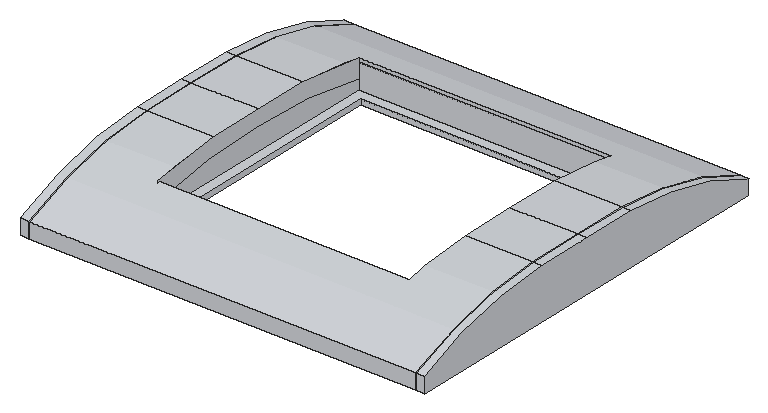
Revit family "Gira_1002776", category Electrical Fixtures, host Face, Revit 2017
Family settings
  Host = Face
  Maintain Annotation Orientation = No
  Round Connector Dimension = Use Diameter
  Part Type = Normal
  Cut with Voids When Loaded = No
  Shared = No
  Room Calculation Point = No
Parameters (values of type "Cov.fr. 2-g w/o cb interm.fr. C Alu Gira Event Clear sand")
  With mounting grid = "No"
  With hinged lid = "No"
  URL = "http://katalog.gira.de/en/datenblatt.html?artikelnr=1002776"
  Type of fastening = "Clamp mounting"
  Transparent = "No"
  Surface protection = "Other"
  Surface finishing = "Glossy"
  Suitable for wall duct = "No"
  Suitable for flush-mounted installation = "Yes"
  Suitable for floor box = "No"
  Suitable for built-in installation = "No"
  Number of units vertical = "2"
  Number of units horizontal = "2"
  Number of units = "2"
  Name = "Cov.fr. 2-g w/o cb interm.fr. C Alu Gira Event Clear sand"
  Mounting direction = "Horizontal and vertical"
  Material quality = "Thermoplastic"
  Material = "Plastic"
  Manufacturer URL = "https://www.gira.de/"
  Manufacturer = "Gira"
  Label space/information surface = "No"
  Keynote = ""
  HeinzeBIM = "https://bimportal.heinze.de/bim/cov-fr-2-g-w-o-cb-interm-fr-c-alu-gira-event-clear-sand/fd0ba6c7ab6a75f0cee7c81485a4968ebad17ffa"
  Halogen free = "Yes"
  HAN = "1002776"
  GTIN = "4010337070368"
  Description = "Cov.fr.2g w o cb i.fr.CAl EvCl SD,Gira Event Clear cover frame,sand with colour aluminium intermediate frame,2-gang without crossbar,Features:,- Shatter-proof."
  Degree of protection (IP) = "IP20"
  Default Elevation = 1219.2 mm
  Data sheet (1) = "https://katalog.gira.de/en/download.html?artikelnr=1002776"
  Colour = "Other"
  Category = "Cover frame for domestic switching devices"
  BIM (1) = "https://media.stage.bim.site/public/gira/36a6b08/Event_Rahmen_2fach o.Mittelsteg.rfa?public/gira/36a6b08/Event_Rahmen_2fach o.Mittelsteg.rfa"
  Available = "No"
Reference planes
  plane 1 "Center (Front/Back)": y = 0
  plane 2: z = 0
  plane 3 "Center (Left/Right)": x = 0
Forms (mm)
  Extrusion 1, solid, detail levels fine
    sketch origin (0, 0, 1.55) x (0, 1, 0) y (0, 0, 1)
      loop
        arc (12.445, 9.683) -> (6.223, 9.833) -> (0, 9.85) r 291.636
        arc (0, 9.85) -> (-6.223, 9.833) -> (-12.445, 9.683) r 291.636
        arc (-12.445, 9.683) -> (-29.14, 7.482) -> (-45, 1.823) r 79.728
        line (-45, 1.823) -> (-45, -1.55) -> (-41.777, -1.55) -> (-41.777, -0.55)
        arc (-41.777, -0.55) -> (-21.205, 4.846) -> (0, 6.467) r 118.15
        arc (0, 6.467) -> (21.205, 4.846) -> (41.777, -0.55) r 118.15
        line (41.777, -0.55) -> (41.777, -1.55) -> (45, -1.55) -> (45, 1.823)
        arc (45, 1.823) -> (29.14, 7.482) -> (12.445, 9.683) r 79.728
    from -43 to 43
  Extrusion 2, void, detail levels fine
    sketch origin (0, 0, 0) x (1, 0, 0) y (0, 1, 0)
      loop
        line (-28, -28) -> (28, -28) -> (28, 28) -> (-28, 28) -> (-28, -28)
    from 2.85 to 12
  Extrusion 3, solid, detail levels coarse
    sketch origin (0, 0, 0) x (1, 0, 0) y (0, 1, 0)
      loop
        line (-45, 45) -> (-45, -45) -> (45, -45) -> (45, 45) -> (-45, 45)
    from 0 to 11.4
  Extrusion 4, solid, detail levels medium
    sketch origin (0, 0, 1.55) x (0, 1, 0) y (0, 0, 1)
      loop
        arc (12.445, 9.683) -> (6.223, 9.833) -> (0, 9.85) r 291.636
        arc (0, 9.85) -> (-6.223, 9.833) -> (-12.445, 9.683) r 291.636
        arc (-12.445, 9.683) -> (-29.14, 7.482) -> (-45, 1.823) r 79.728
        line (-45, 1.823) -> (-45, -1.55) -> (45, -1.55) -> (45, 1.823)
        arc (45, 1.823) -> (29.14, 7.482) -> (12.445, 9.683) r 79.728
    from -45 to 45
  Extrusion 5, solid, detail levels fine
    sketch origin (0, 0, 0) x (0, 1, 0) y (0, 0, 1)
      loop
        arc (45, 3.373) -> (29.14, 9.032) -> (12.445, 11.233) r 79.728
        arc (12.445, 11.233) -> (6.223, 11.383) -> (0, 11.4) r 291.636
        arc (0, 11.4) -> (-6.223, 11.383) -> (-12.445, 11.233) r 291.636
        arc (-12.445, 11.233) -> (-29.14, 9.032) -> (-45, 3.373) r 79.728
        line (-45, 3.373) -> (-45, 0) -> (45, 0) -> (45, 3.373)
    from 43 to 45
  Extrusion 6, solid, detail levels fine
    sketch origin (0, 0, 0) x (0, 1, 0) y (0, 0, -1)
      loop
        line (45, -3.373) -> (45, 0) -> (-45, 0) -> (-45, -3.373)
        arc (-45, -3.373) -> (-29.14, -9.032) -> (-12.445, -11.233) r 79.728
        arc (-12.445, -11.233) -> (-6.223, -11.383) -> (0, -11.4) r 291.636
        arc (0, -11.4) -> (6.223, -11.383) -> (12.445, -11.233) r 291.636
        arc (12.445, -11.233) -> (29.14, -9.032) -> (45, -3.373) r 79.728
    from 43 to 45
  Extrusion 7, solid, detail levels fine
    sketch origin (0, 0, 0) x (1, 0, 0) y (0, 1, 0)
      loop
        line (-25.7, 25.7) -> (-25.7, -25.7) -> (25.7, -25.7) -> (25.7, 25.7) -> (-25.7, 25.7)
      loop
        line (-29.495, 27.895) -> (-29.495, -27.895)
        spline (-29.495, -27.895) -> (-29.486, -28.025) -> (-29.461, -28.154) -> (-29.419, -28.278) -> (-29.361, -28.395) -> (-29.288, -28.504) -> (-29.202, -28.602) -> (-29.104, -28.688) -> (-28.995, -28.761) -> (-28.878, -28.819) -> (-28.754, -28.861) -> (-28.625, -28.886) -> (-28.495, -28.895)
        line (-28.495, -28.895) -> (28.495, -28.895)
        spline (28.495, -28.895) -> (28.625, -28.886) -> (28.754, -28.861) -> (28.878, -28.819) -> (28.995, -28.761) -> (29.104, -28.688) -> (29.202, -28.602) -> (29.288, -28.504) -> (29.361, -28.395) -> (29.419, -28.278) -> (29.461, -28.154) -> (29.486, -28.025) -> (29.495, -27.895)
        line (29.495, -27.895) -> (29.495, 27.895)
        spline (29.495, 27.895) -> (29.486, 28.025) -> (29.461, 28.154) -> (29.419, 28.278) -> (29.361, 28.395) -> (29.288, 28.504) -> (29.202, 28.602) -> (29.104, 28.688) -> (28.995, 28.761) -> (28.878, 28.819) -> (28.754, 28.861) -> (28.625, 28.886) -> (28.495, 28.895)
        line (28.495, 28.895) -> (-28.495, 28.895)
        spline (-28.495, 28.895) -> (-28.625, 28.886) -> (-28.754, 28.861) -> (-28.878, 28.819) -> (-28.995, 28.761) -> (-29.104, 28.688) -> (-29.202, 28.602) -> (-29.288, 28.504) -> (-29.361, 28.395) -> (-29.419, 28.278) -> (-29.461, 28.154) -> (-29.486, 28.025) -> (-29.495, 27.895)
    from 1.673 to 8.5
Cuts and joins
  Extrusion 2 cuts Extrusion 1
  Extrusion 2 cuts Extrusion 7
Dimensions and locks
  aligned and locked: plane 2 to host face
  aligned and locked: level to host face
